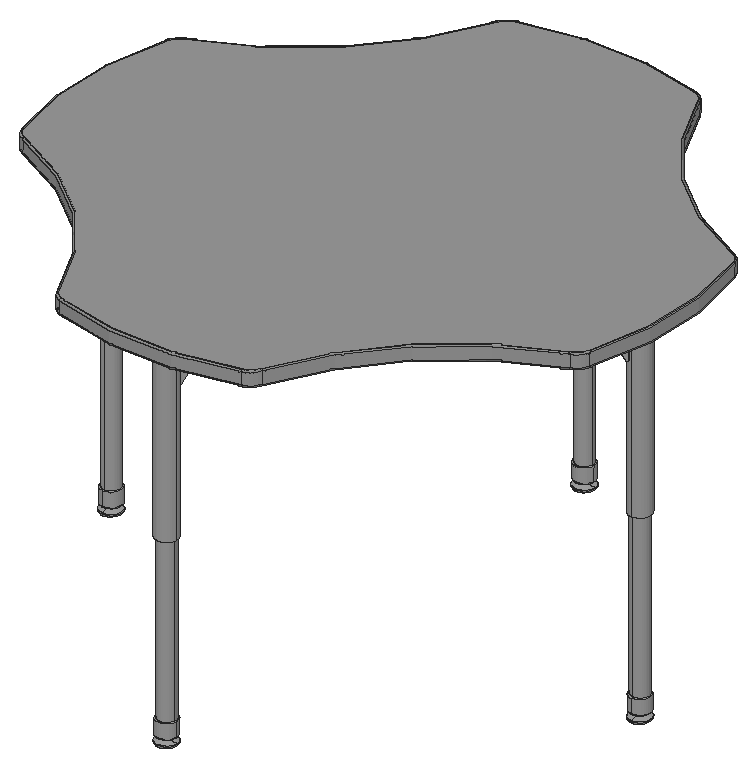
Revit family "Hierarchy Activity 48in Clover Table", category Furniture, Revit 2018
Family settings
  Work Plane-Based = No
  Always vertical = Yes
  Cut with Voids When Loaded = No
  Shared = No
  Room Calculation Point = No
Parameters
  Table Height = 2' - 5"
  Surface = Hierarchy Activity 48" Clover Table Surface
  Leg Finish = Hierarchy Leg Platinum
  Edgeband = Hierarchy Activity 48" Clover Table Edgeband
  Caster/Glide = Hierarchy Leg - Glide : Hierarchy Leg - Glide
Reference planes (in)
  plane 1 "Center (Front/Back)": y = 0
  plane 2: z = 0
  plane 3 "Center (Left/Right)": x = 0
  plane 4: z = 29
Dimensions and locks (in)
  "Table Height": plane 4 to level
  aligned and locked: plane 2 to level
  aligned and locked: nested 1 to plane 4
Nested families (in)
  nested 1: "Activity 48x48 Clover Tabletop" at (0, 0, 5.075), type "Activity 48x48 Clover Tabletop"
  nested 2: "Hierarchy Leg - Glide" at (0, 21, 0), Leg Height <- "Table Height", type <- "Caster/Glide", Leg Finish <- "Leg Finish", type "Hierarchy Leg - Glide"
  nested 3: "Hierarchy Leg - Glide" at (0, -21, 0) x (-1, 0, 0) z (0, 0, 1), Leg Height <- "Table Height", Leg Finish <- "Leg Finish", type "Hierarchy Leg - Glide"
    with Leg Height 2' - 5", Leg Finish Hierarchy Leg Platinum
  nested 4: "Hierarchy Leg - Glide" at (0, 21, 0), type <- "Caster/Glide", Leg Finish <- "Leg Finish", Leg Height <- "Table Height", type "Hierarchy Leg - Glide"
  nested 5: "Hierarchy Leg - Glide" at (21.26614, 0, 0) x (0, -1, 0) z (0, 0, 1), Leg Finish <- "Leg Finish", Leg Height <- "Table Height", type "Hierarchy Leg - Glide"
    with Leg Height 2' - 5", Leg Finish Hierarchy Leg Platinum
  nested 6: "Hierarchy Leg - Glide" at (-21.26614, 0, 0) x (0, 1, 0) z (0, 0, 1), type <- "Caster/Glide", Leg Finish <- "Leg Finish", Leg Height <- "Table Height", type "Hierarchy Leg - Glide"
Definition of nested family "Activity 48x48 Clover Tabletop"
  Parameters (values of type "Activity 48x48 Clover Tabletop")
    Surface = none
    Edgeband = none
  Reference planes (in)
    plane 1 "Center (Front/Back)": y = 0
    plane 2: z = 0
    plane 3 "Center (Left/Right)": x = 0
  Forms (in)
    Extrusion 1, solid, material <- "Surface"
      sketch origin (0, 0, 0) x (1, 0, 0) y (0, 1, 0)
        loop
          arc (-7.0983, 22.82372) -> (-7.62556, 22.51321) -> (-7.96704, 22.00546) r 1.38189
          arc (-7.96704, 22.00546) -> (-13.40926, 13.64618) -> (-21.76854, 8.20396) r 24.1181
          arc (-21.76854, 8.20396) -> (-22.27629, 7.86247) -> (-22.58681, 7.33521) r 1.3819
          arc (-22.58681, 7.33521) -> (-23.71782, 0.07284) -> (-22.58681, -7.18953) r 23.88178
          arc (-22.58681, -7.18953) -> (-22.27629, -7.71679) -> (-21.76855, -8.05827) r 1.3819
          arc (-21.76855, -8.05827) -> (-13.40927, -13.50051) -> (-7.96704, -21.85978) r 24.11826
          arc (-7.96704, -21.85978) -> (-7.62555, -22.36753) -> (-7.0983, -22.67804) r 1.3819
          arc (-7.0983, -22.67804) -> (0.16407, -23.80906) -> (7.42645, -22.67804) r 23.88159
          arc (7.42645, -22.67804) -> (7.9537, -22.36752) -> (8.29519, -21.85978) r 1.3819
          arc (8.29519, -21.85978) -> (13.73742, -13.50051) -> (22.09669, -8.05827) r 24.1183
          arc (22.09669, -8.05827) -> (22.60444, -7.71679) -> (22.91495, -7.18953) r 1.38189
          arc (22.91495, -7.18953) -> (24.04596, 0.07284) -> (22.91495, 7.33521) r 23.88199
          arc (22.91495, 7.33521) -> (22.60444, 7.86247) -> (22.09669, 8.20396) r 1.38189
          arc (22.09669, 8.20396) -> (13.73742, 13.64619) -> (8.29519, 22.00546) r 24.11819
          arc (8.29519, 22.00546) -> (7.9537, 22.51321) -> (7.42645, 22.82372) r 1.38189
          arc (7.42645, 22.82372) -> (0.16407, 23.95473) -> (-7.0983, 22.82372) r 23.88186
      from 23.925 to 25.125
    Sweep 2, solid, material <- "Edgeband"
      path origin (0, 0, 0) x (1, 0, 0) y (0, 1, 0)
        loop
          arc (7.42645, 22.82372) -> (0.16407, 23.95473) -> (-7.0983, 22.82372) r 23.88186
          arc (-7.0983, 22.82372) -> (-7.62556, 22.51321) -> (-7.96704, 22.00546) r 1.38189
          arc (-7.96704, 22.00546) -> (-13.40926, 13.64618) -> (-21.76854, 8.20396) r 24.1181
          arc (-21.76854, 8.20396) -> (-22.27629, 7.86247) -> (-22.58681, 7.33521) r 1.3819
          arc (-22.58681, 7.33521) -> (-23.71782, 0.07284) -> (-22.58681, -7.18953) r 23.88178
          arc (-22.58681, -7.18953) -> (-22.27629, -7.71679) -> (-21.76855, -8.05827) r 1.3819
          arc (-21.76855, -8.05827) -> (-13.40927, -13.50051) -> (-7.96704, -21.85978) r 24.11826
          arc (-7.96704, -21.85978) -> (-7.62555, -22.36753) -> (-7.0983, -22.67804) r 1.3819
          arc (-7.0983, -22.67804) -> (0.16407, -23.80906) -> (7.42645, -22.67804) r 23.88159
          arc (7.42645, -22.67804) -> (7.9537, -22.36752) -> (8.29519, -21.85978) r 1.3819
          arc (8.29519, -21.85978) -> (13.73742, -13.50051) -> (22.09669, -8.05827) r 24.1183
          arc (22.09669, -8.05827) -> (22.60444, -7.71679) -> (22.91495, -7.18953) r 1.38189
          arc (22.91495, -7.18953) -> (24.04596, 0.07284) -> (22.91495, 7.33521) r 23.88199
          arc (22.91495, 7.33521) -> (22.60444, 7.86247) -> (22.09669, 8.20396) r 1.38189
          arc (22.09669, 8.20396) -> (13.73742, 13.64619) -> (8.29519, 22.00546) r 24.11819
          arc (8.29519, 22.00546) -> (7.9537, 22.51321) -> (7.42645, 22.82372) r 1.38189
      profile origin (0.16407, 23.95473, 0) x (0, -1, 0) y (0, 0, 1)
        loop
          line (0, 23.925) -> (0, 25.125)
          arc (0, 25.125) -> (-0.08352, 25.09041) -> (-0.11811, 25.00689) r 0.11811
          line (-0.11811, 25.00689) -> (-0.11811, 24.04311)
          arc (-0.11811, 24.04311) -> (-0.08352, 23.95959) -> (0, 23.925) r 0.11811
  Dimensions and locks (in)
    aligned and locked: plane 2 to level
Definition of nested family "Hierarchy Leg - Glide"
  Parameters (values of type "Hierarchy Leg - Glide")
    Leg Finish [instance] = none
    Leg Height [instance] = 2' - 5"
  Reference planes (in)
    plane 1 "Center (Front/Back)": y = 0
    plane 2: z = 0
    plane 3 "Center (Left/Right)": x = 0
  Forms (in)
    Extrusion 1, solid
      sketch origin (-0.01562, 0, 0) x (1, 0, 0) y (0, 1, 0)
        loop
          circle (0.01563, 0) r 0.67016
      from 0.67618 to 16.17618
    Revolve 2, solid
      sketch origin (0, 0, 0) x (1, 0, 0) y (0, 0, 1)
        loop
          line (-0.73189, 1.80118) -> (-0.79439, 1.73867) -> (-0.79439, 0.61381) -> (-0.73176, 0.55118) -> (-0.125, 0.55118) -> (-0.125, 0.42618) -> (-0.84656, 0.16241) -> (-0.84656, 0.08994) -> (-0.81359, 0) -> (0, 0) -> (0, 1.80118) -> (-0.73189, 1.80118)
        axis (0, 1.80118) -> (0, 0)
      angle from 0 to 360
  Dimensions and locks (in)
    "Leg Height": nested 1 to level
    aligned and locked: plane 2 to level
  Automatic sketch dimensions
    plane 1 "Center (Front/Back)" to Extrusion 1 sketch curve = 0' - 0"
    Extrusion 1 sketch curve to plane 3 "Center (Left/Right)" = 0' - 0"
    Revolve 2 sketch curve to level = 0' - 0"
    Revolve 2 sketch curve to plane 3 "Center (Left/Right)" = 0' - 0"  (x2)
    Revolve 2 sketch curve to plane 3 "Center (Left/Right)" = 0' - 0 1/8"
    Revolve 2 sketch curve to Revolve 2 sketch curve = 0' - 0.60676"
    Revolve 2 sketch curve to Revolve 2 sketch curve = 0' - 0.73189"
    Revolve 2 sketch curve to Revolve 2 sketch curve = 0' - 0.06263"  (x2)
    Revolve 2 sketch curve to Revolve 2 sketch curve = 0' - 0.08183"
    Revolve 2 sketch curve to Revolve 2 sketch curve = 0' - 0.03297"
    level to Revolve 2 sketch curve = 0' - 0.08994"
    Revolve 2 sketch curve to Revolve 2 sketch curve = 0' - 0.07247"
    level to Revolve 2 sketch curve = 0' - 0.42618"
    Revolve 2 sketch curve to Revolve 2 sketch curve = 0' - 0 1/8"
    Revolve 2 sketch curve to Revolve 2 sketch curve = 0' - 1.12486"
    Revolve 2 sketch curve to Revolve 2 sketch curve = 0' - 0 1/16"
    Revolve 2 sketch curve to level = 2' - 0"
    Revolve 2 sketch curve to Revolve 2 sketch curve = 8' - 4.91764"
    radius of Extrusion 1 sketch curve = 0' - 0.67016"
  Nested families (in)
    nested 1: "Hierarchy Upper Leg 2023" at (0, 0, 1.19783), Shapes Leg Finish <- "Leg Finish", type "Hierarchy Upper Leg 2023"
      with Shapes Leg Finish none
  Definition of nested family "Hierarchy Upper Leg 2023"
    Parameters (values of type "Hierarchy Upper Leg 2023")
      Shapes Leg Finish [instance] = none
    Reference planes (in)
      plane 1 "Center (Front/Back)": y = 0
      plane 2: z = 0
      plane 3 "Center (Left/Right)": x = 0
    Forms (in)
      Extrusion 1, solid, material <- "Shapes Leg Finish"
        sketch origin (0, 0, 0) x (1, 0, 0) y (0, 1, 0)
          loop
            circle (0, 0) r 0.84802
        from 13.67618 to 27.67618
      Extrusion 2, solid, material <- "Shapes Leg Finish"
        sketch origin (0, 0, 0) x (1, 0, 0) y (0, 1, 0)
          loop
            line (-1.70174, 0.19183) -> (-2.88626, -2.26116)
            arc (-2.88626, -2.26116) -> (-2.83993, -3.09822) -> (-2.1063, -3.50394) r 0.86614
            line (-2.1063, -3.50394) -> (2.1063, -3.50394)
            arc (2.1063, -3.50394) -> (2.83993, -3.09822) -> (2.88626, -2.26116) r 0.86614
            line (2.88626, -2.26116) -> (1.70174, 0.19183)
            arc (1.70174, 0.19183) -> (0, 1.25984) -> (-1.70174, 0.19183) r 1.88976
        from 27.67618 to 27.80217
      Extrusion 3, solid, material <- "Shapes Leg Finish"
        sketch origin (-1.48519, 8.66524, 0) x (-0.434844, 0.900506, 0) y (0, 0, 1)
          loop
            line (-9.01425, 27.67618) -> (-11.80952, 27.67618)
            arc (-11.80952, 27.67618) -> (-11.92325, 27.58993) -> (-11.87088, 27.45715) r 0.11811
            arc (-11.87088, 27.45715) -> (-10.39364, 26.29679) -> (-9.23328, 24.81955) r 7.87402
            arc (-9.23328, 24.81955) -> (-9.1005, 24.76717) -> (-9.01425, 24.88091) r 0.11811
            line (-9.01425, 24.88091) -> (-9.01425, 27.67618)
        from -1.94075 to -1.81476
      Extrusion 4, solid, material <- "Shapes Leg Finish"
        sketch origin (1.48519, 8.66524, 0) x (0.434844, 0.900506, 0) y (0, 0, -1)
          loop
            line (-9.01425, -27.67618) -> (-9.01425, -24.88091)
            arc (-9.01425, -24.88091) -> (-9.1005, -24.76717) -> (-9.23328, -24.81955) r 0.11811
            arc (-9.23328, -24.81955) -> (-10.39364, -26.29679) -> (-11.87088, -27.45715) r 7.87402
            arc (-11.87088, -27.45715) -> (-11.92325, -27.58993) -> (-11.80952, -27.67618) r 0.11811
            line (-11.80952, -27.67618) -> (-9.01425, -27.67618)
        from -1.94075 to -1.81476
    Dimensions and locks (in)
      aligned and locked: plane 2 to level
